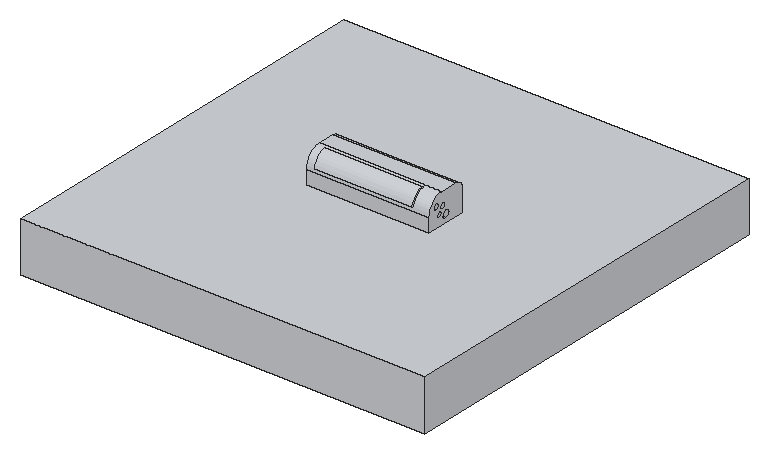
Revit family "Condicionador de Ar - Sistema Split - Hospedado - 12-36 kBtu", category Equipamento mecânico, Revit 2019
Family settings
  Hospedeiro = Face
  Cota do conector redondo = Usar raio
  Tipo de parte = Normal
  Corte com vazios quando carregada = Não
  Compartilhado = Não
  Ponto de cálculo do ambiente = Não
Parameters (values of type "Padrão")
  Largura = 180 mm
  Voltagem = 0 V
  Número de pólos = 1
  Classificação de carga = Refrigeração
  Comprimento = 740 mm
  Raio da drenagem = 11 mm
  Fluxo da drenagem [instance] = 0 GPM
  Diâmetro da drenagem = Raio da drenagem * 2  # 22 mm
  Raio DX de saída = 14 mm
  Diâmetro DX de saída = Raio DX de saída * 2  # 28 mm
  Raio DX de entrada = 14 mm
  Altura = 250 mm
  Default Elevation = 1219.2 mm
  Diâmetro DX de entrada = Raio DX de entrada * 2  # 28 mm
  Fluxo DX [instance] = 0 GPM
  Capacidade de refrigeração = 12000 Btu/h
  Carga aparente = 0 VA
  Material do ar condicionado = none
Reference planes
  plane 1 "Centro (Frente/Trás)": y = 0
  plane 2 "Parte posterior": z = 0
  plane 3 "Centro (Esquerda/Direita)": x = 0
  plane 4 "Parte frontal": z = 180
  plane 5 "Esquerda": x = -370
  plane 6 "Direita": x = 370
  plane 7 "Superior": y = 125
  plane 8 "Inferior": y = -125
  plane 9 "Centro (Superior/Inferior)": z = 90
  plane 10 "Conexões cl": z = 90
  plane 11 "parte inferior da grelha de retorno": y = -25
  plane 12 "topo da grelha de retorno": y = 75
  plane 13 "esquerda da grelha de suprimento": x = -320
  plane 14 "direita da grelha de suprimento": x = 270
Forms (mm)
  Extrusion 1, solid
    sketch origin (0, 0, 0) x (1, 0, 0) y (0, 1, 0)
      loop
        line (-1219.2, 1219.2) -> (-1219.2, -1219.2) -> (1219.2, -1219.2) -> (1219.2, 1219.2) -> (-1219.2, 1219.2)
    from 0 to -304.8
  Extrusion 2, solid, material <- "Material do ar condicionado"
    sketch origin (0, 0, 0) x (0, 1, 0) y (0, 0, 1)
      loop
        line (-125, 80) -> (-125, 0) -> (125, 0) -> (125, 130)
        arc (125, 130) -> (110.355, 165.355) -> (75, 180) r 50
        line (75, 180) -> (-25, 180)
        arc (-25, 180) -> (-95.711, 150.711) -> (-125, 80) r 100
    from -370 to 370
  Extrusion 3, solid, material <- "Material do ar condicionado"
    sketch origin (370, 0, 0) x (0, 0, 1) y (0, 1, 0)
      loop
        circle (118, -75) r 14
      loop
        circle (104, -25) r 14
      loop
        circle (68, -50) r 11
      loop
        circle (50, 0) r 20
    from 0 to 45
  Extrusion 4, solid, material <- "Material do ar condicionado"
    sketch origin (0, 0, 0) x (0, 1, 0) y (0, 0, 1)
      loop
        arc (-121.752, 105.28) -> (-95.516, 150.904) -> (-49.749, 176.889) r 100
        line (-49.749, 176.889) -> (-49.749, 182.042)
        arc (-49.749, 182.042) -> (-99.053, 154.439) -> (-126.911, 105.28) r 105
        line (-126.911, 105.28) -> (-121.752, 105.28)
    from -320 to 270
Lines and regions (mm)
  model lines
    curve 1: line (-370, -25, 180) -> (370, -25, 180)
    curve 2: line (-370, 75, 180) -> (370, 75, 180)
    curve 3: line (-370, 58.333, 180) -> (370, 58.333, 180)
    curve 4: line (-370, 41.667, 180) -> (370, 41.667, 180)
    curve 5: line (-370, 25, 180) -> (370, 25, 180)
    curve 6: line (-370, 8.333, 180) -> (370, 8.333, 180)
    curve 7: line (-370, -8.333, 180) -> (370, -8.333, 180)
    curve 8: line (-277.5, -25, 180) -> (-277.5, 75, 180)
    curve 9: line (-185, -25, 180) -> (-185, 75, 180)
    curve 10: line (-92.5, -25, 180) -> (-92.5, 75, 180)
    curve 11: line (0, -25, 180) -> (0, 75, 180)
    curve 12: line (92.5, -25, 180) -> (92.5, 75, 180)
    curve 13: line (185, -25, 180) -> (185, 75, 180)
    curve 14: line (277.5, -25, 180) -> (277.5, 75, 180)
Dimensions and locks
  equal spacing: plane 4 "Parte frontal", plane 9 "Centro (Superior/Inferior)", plane 2 "Parte posterior"
  equal spacing: plane 7 "Superior", plane 1 "Centro (Frente/Trás)", plane 8 "Inferior"
  "Altura": plane 7 "Superior" to plane 8 "Inferior"
  equal spacing: plane 5 "Esquerda", plane 3 "Centro (Esquerda/Direita)", plane 6 "Direita"
  "Comprimento": plane 5 "Esquerda" to plane 6 "Direita"
  "Largura": plane 4 "Parte frontal" to plane 2 "Parte posterior"
  locked: plane 8 "Inferior" to Extrusion 3 sketch curve at 50
  "Diâmetro DX de entrada": Extrusion 3 sketch curve to plane 10 "Conexões cl"
  locked: plane 8 "Inferior" to Extrusion 3 sketch curve at 100
  "Raio DX de saída": Extrusion 3 sketch curve to plane 10 "Conexões cl"
  locked: plane 8 "Inferior" to Extrusion 3 sketch curve at 75
  "Diâmetro da drenagem": plane 10 "Conexões cl" to Extrusion 3 sketch curve
  locked: Extrusion 3 sketch curve to plane 2 "Parte posterior" at 50
  locked: plane 11 "parte inferior da grelha de retorno" to plane 8 "Inferior" at 100
  locked: plane 7 "Superior" to plane 12 "topo da grelha de retorno" at 50
  equal spacing: curve 1, curve 7, curve 6, curve 5, curve 4, curve 3, curve 2
  locked: plane 14 "direita da grelha de suprimento" to plane 6 "Direita" at 100
  locked: plane 5 "Esquerda" to plane 13 "esquerda da grelha de suprimento" at 50
  locked: plane 4 "Parte frontal" to Extrusion 4 sketch curve at 100  (x2)
  locked: plane 8 "Inferior" to Extrusion 4 sketch curve at 100  (x2)
  locked: plane 8 "Inferior" to Extrusion 4 sketch curve at 75.251
  locked: Extrusion 4 sketch curve to plane 4 "Parte frontal" at 74.72
  equal spacing: plane 5 "Esquerda", curve 8, curve 9, curve 10, curve 11, curve 12, curve 13, curve 14, plane 6 "Direita"
  "Raio DX de entrada": radius of Extrusion 3 sketch curve
  "Raio DX de saída": radius of Extrusion 3 sketch curve
  "Raio da drenagem": radius of Extrusion 3 sketch curve
  radius of Extrusion 3 sketch curve = 20 mm
  radius of Extrusion 2 sketch curve = 100 mm
  radius of Extrusion 2 sketch curve = 50 mm
  radius of Extrusion 4 sketch curve = 100 mm
  aligned and locked: plane 2 "Parte posterior" to Extrusion 1
  aligned and locked: level to Extrusion 1
  aligned and locked: plane 8 "Inferior" to Extrusion 2 sketch curve
  aligned and locked: plane 7 "Superior" to Extrusion 2 sketch curve
  aligned and locked: Extrusion 2 sketch curve to plane 4 "Parte frontal"
  aligned and locked: Extrusion 2 to plane 6 "Direita"
  aligned and locked: Extrusion 2 to plane 5 "Esquerda"
  aligned and locked: plane 5 "Esquerda" to curve 1
  aligned and locked: plane 5 "Esquerda" to curve 2
  aligned and locked: plane 6 "Direita" to curve 1
  aligned and locked: plane 6 "Direita" to curve 2
  aligned and locked: plane 1 "Centro (Frente/Trás)" to Extrusion 3 sketch curve
  aligned and locked: plane 6 "Direita" to Extrusion 3
  aligned and locked: Extrusion 2 to plane 2 "Parte posterior"
  aligned and locked: plane 9 "Centro (Superior/Inferior)" to plane 10 "Conexões cl"
  aligned and locked: plane 11 "parte inferior da grelha de retorno" to curve 1
  aligned and locked: plane 5 "Esquerda" to curve 3
  aligned and locked: plane 5 "Esquerda" to curve 4
  aligned and locked: plane 5 "Esquerda" to curve 5
  aligned and locked: plane 5 "Esquerda" to curve 6
  aligned and locked: plane 5 "Esquerda" to curve 7
  aligned and locked: plane 6 "Direita" to curve 3
  aligned and locked: plane 6 "Direita" to curve 4
  aligned and locked: plane 6 "Direita" to curve 5
  aligned and locked: plane 6 "Direita" to curve 6
  aligned and locked: plane 6 "Direita" to curve 7
  aligned and locked: plane 14 "direita da grelha de suprimento" to Extrusion 4
  aligned and locked: Extrusion 4 to plane 13 "esquerda da grelha de suprimento"
  aligned and locked: curve 8 to plane 11 "parte inferior da grelha de retorno"
  aligned and locked: curve 8 to plane 12 "topo da grelha de retorno"
  aligned and locked: curve 9 to plane 12 "topo da grelha de retorno"
Automatic sketch dimensions
  Extrusion 1 sketch curve to Extrusion 1 sketch curve = 2438.4 mm  (x2)
  plane 8 "Inferior" to Extrusion 4 sketch curve = 1.911 mm
  Extrusion 2 sketch curve to level = 0 mm
Connectors
  piping at (370, -75, 118), diameter 28, driven by "Fluxo DX", driven by "Raio DX de entrada"
    settings: on Extrusion 3, index 1, connector inside diameter 28 mm, connector length 0 mm, flow factor 0, pipe flow 0 GPM, pressure drop 0.00 psi, fitting loss kfactor 0, connector angle 0.00°, fixture units 0, engagement length 0 mm, angle of deflection 0.00°, flow configuration 1, flow direction 1, fitting loss method 0, system type 22, joint type 0, gender type 0, connector reference index 2, connector utility 0, adjustable connector no, is connector primary yes, connector description "Entrada do refrigerante"
  piping at (370, -25, 104), diameter 28, driven by "Fluxo DX", driven by "Raio DX de saída"
    settings: on Extrusion 3, index 2, connector inside diameter 28 mm, connector length 0 mm, flow factor 0, pipe flow 0 GPM, pressure drop 0.00 psi, fitting loss kfactor 0, connector angle 0.00°, fixture units 0, engagement length 0 mm, angle of deflection 0.00°, flow configuration 1, flow direction 2, fitting loss method 0, system type 22, joint type 0, gender type 0, connector reference index 1, connector utility 0, adjustable connector no, is connector primary no, connector description "Saída do refrigerante"
  piping at (370, -50, 68), diameter 22, driven by "Fluxo da drenagem", driven by "Raio da drenagem"
    settings: on Extrusion 3, index 3, connector inside diameter 22 mm, connector length 0 mm, flow factor 0, pipe flow 0 GPM, pressure drop 0.00 psi, fitting loss kfactor 0, connector angle 0.00°, fixture units 0, engagement length 0 mm, angle of deflection 0.00°, flow configuration 1, flow direction 2, fitting loss method 0, system type 16, joint type 0, gender type 0, connector reference index -1, connector utility 0, adjustable connector yes, is connector primary no, connector description "Saída da drenagem"
  electrical at (370, 0, 50), driven by "Número de pólos", driven by "Classificação de carga", driven by "Voltagem", driven by "Carga aparente"
    settings: on Extrusion 3, index 4, voltage 0 V, apparent load 0 VA, apparent load phase1 0 VA, apparent load phase2 0 VA, apparent load phase3 0 VA, power factor 0.8, load classification "Refrigeração", number of poles 1, system type 30, power factor state 1, is connector primary yes, connector utility no, sub classification motor no, connector description "Potência"
Types in the file's own list only (6): name | Largura | Comprimento | Altura | Elevação-padrão | Capacidade de refrigeração
  12000 Btu/h | 210 mm | 780 mm | 280 mm | 1219 mm | 12000 Btu/h
  18000 Btu/h | 208 mm | 1030 mm | 295 mm | 1219 mm | 18000 Btu/h
  22000 Btu/h | 245 mm | 1150 mm | 333 mm | 1219 mm | 22000 Btu/h
  24000 Btu/h | 245 mm | 1150 mm | 333 mm | 1219 mm | 24000 Btu/h
  30000 Btu/h | 245 mm | 1150 mm | 333 mm | 1219 mm | 30000 Btu/h
  36000 Btu/h | 245 mm | 1150 mm | 333 mm | 1219 mm | 36000 Btu/h
